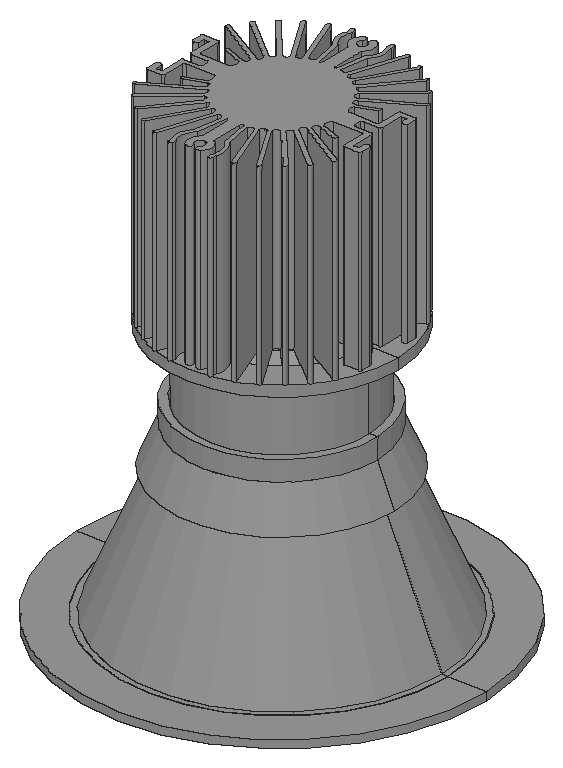
Revit family "Artemide_Everything_105", category Lighting Fixtures, Revit 2018 (continued)
Types (160, lengths in mm): name | V_TrimlessSquare | V_TrimlessRound | V_TrimSquare | V_TrimRound | V_Square | V_Round | Radius_RoundVoidReal | Photometric Web File | M_Trim | M_Louvre | M_HousingLed | built-in parameter 1150105 | Lumens | built-in parameter 1150107 | built-in parameter 1150106 | URL to O&M Manual | Trim Material | Trim Finish | Trim Colour  | Product Model Number | Product Literature | Overall Width | Overall Length | Output Lumens Direct light | Input Lumens Direct light | Initial Lumens | IES Files  | Housing Colour  | Face Shape | Efficiency | built-in parameter 1150104 | Distance_SquareVoidReal | Cut Out Width | Cut Out Length | Colour Temperature | Angle_LightReal | Adjustable
  Everything_105_Round_Trim_28°_3000K_Black/PolishedMetal_M256640 | no | no | no | yes | no | yes | 42.5 | "M256640.IES" | Artemide_Aluminum_Black | Artemide_Aluminum_PolishedMetal | Artemide_Aluminum_PolishedMetal | 66.26 (stored number, unit not read) | 832.65 lm | 3000 (stored number, unit not read) | 0.6626 (stored number, unit not read) | "https://www.artemide.com/contents/documenti/prodotto/everything_105_trim_instructions4838272.pdf" | "Aluminium" | "Painted" | "Polished Metal" | "M256640" | "https://www.artemide.com/it/subfamily/2433436/everything-105-trim" | 0 | 105 | 883 | 1390 | 883 | "https://www.artemide.com/product/downloadFile/4750535/ieseu/4916780" | "Black" | "Round" | 60 | 5.9504 (stored number, unit not read) | 0.8 | 80 | 130 | 3000 | 90.00° | no
  Everything_105_Round_Trim_Adj_28°_3000K_Black/PolishedMetal_M256645 | no | no | no | yes | no | yes | 42.5 | "M256645.IES" | Artemide_Aluminum_Black | Artemide_Aluminum_PolishedMetal | Artemide_Aluminum_PolishedMetal | 66.26 (stored number, unit not read) | 832.65 lm | 3000 (stored number, unit not read) | 0.6626 (stored number, unit not read) | "https://www.artemide.com/contents/documenti/prodotto/everything_105_trim_instructions4838272.pdf" | "Aluminium" | "Painted" | "Polished Metal" | "M256645" | "https://www.artemide.com/it/subfamily/2433436/everything-105-trim" | 0 | 105 | 883 | 1390 | 883 | "https://www.artemide.com/product/downloadFile/4750536/ieseu/4916987" | "Black" | "Round" | 60 | 5.9504 (stored number, unit not read) | 0.8 | 80 | 130 | 3000 | 60.00° | yes
  Everything_105_Round_Trim_46°_3000K_Black/Black_M256240 | no | no | no | yes | no | yes | 42.5 | "M256240.IES" | Artemide_Aluminum_Black | Artemide_Aluminum_Black | Artemide_Aluminum_Black | 57.85 (stored number, unit not read) | 726.96 lm | 3000 (stored number, unit not read) | 0.5785 (stored number, unit not read) | "https://www.artemide.com/contents/documenti/prodotto/everything_105_trim_instructions4838272.pdf" | "Aluminium" | "Painted" | "Black" | "M256240" | "https://www.artemide.com/it/subfamily/2433436/everything-105-trim" | 0 | 105 | 727 | 1390 | 727 | "https://www.artemide.com/product/downloadFile/4750537/ieseu/4916571" | "Black" | "Round" | 52 | 5.1951 (stored number, unit not read) | 0.8 | 80 | 130 | 3000 | 90.00° | no
  Everything_105_Round_Trim_Adj_46°_3000K_Black/Black_M256245 | no | no | no | yes | no | yes | 42.5 | "M256245.IES" | Artemide_Aluminum_Black | Artemide_Aluminum_Black | Artemide_Aluminum_Black | 57.85 (stored number, unit not read) | 726.96 lm | 3000 (stored number, unit not read) | 0.5785 (stored number, unit not read) | "https://www.artemide.com/contents/documenti/prodotto/everything_105_trim_instructions4838272.pdf" | "Aluminium" | "Painted" | "Black" | "M256245" | "https://www.artemide.com/it/subfamily/2433436/everything-105-trim" | 0 | 105 | 727 | 1390 | 727 | "https://www.artemide.com/product/downloadFile/4750538/ieseu/4916761" | "Black" | "Round" | 52 | 5.1951 (stored number, unit not read) | 0.8 | 80 | 130 | 3000 | 60.00° | yes
  Everything_105_Square_Trim_25°_2700K_Black/Black_M329340 | no | no | yes | no | yes | no | 0.3 | "M329340.IES" | Artemide_Aluminum_Black | Artemide_Aluminum_Black | Artemide_Aluminum_Black | 67.626 (stored number, unit not read) | 849.81 lm | 2700 (stored number, unit not read) | 0.67626 (stored number, unit not read) | "https://www.artemide.com/contents/documenti/prodotto/everything_105_trim_instructions4838272.pdf" | "Aluminium" | "Painted" | "Black" | "M329340" | "https://www.artemide.com/it/subfamily/2433436/everything-105-trim" | 105 | 105 | 850 | 1330 | 850 | "https://www.artemide.com/product/downloadFile/4750539/ieseu/4917028" | "Black" | "Square" | 64 | 6.0731 (stored number, unit not read) | 85 | 80 | 130 | 2700 | 90.00° | no
  Everything_105_Square_Trim_46°_2700K_Black/Black_M329540 | no | no | yes | no | yes | no | 0.3 | "M329540.IES" | Artemide_Aluminum_Black | Artemide_Aluminum_Black | Artemide_Aluminum_Black | 56.308 (stored number, unit not read) | 707.59 lm | 2700 (stored number, unit not read) | 0.56308 (stored number, unit not read) | "https://www.artemide.com/contents/documenti/prodotto/everything_105_trim_instructions4838272.pdf" | "Aluminium" | "Painted" | "Black" | "M329540" | "https://www.artemide.com/it/subfamily/2433436/everything-105-trim" | 105 | 105 | 708 | 1330 | 708 | "https://www.artemide.com/product/downloadFile/4750540/ieseu/4916972" | "Black" | "Square" | 53 | 5.0567 (stored number, unit not read) | 85 | 80 | 130 | 2700 | 90.00° | no
  Everything_105_Square_Trim_28°_2700K_Black/Black_M329440 | no | no | yes | no | yes | no | 0.3 | "M329440.IES" | Artemide_Aluminum_Black | Artemide_Aluminum_Black | Artemide_Aluminum_Black | 68.898 (stored number, unit not read) | 865.8 lm | 2700 (stored number, unit not read) | 0.68898 (stored number, unit not read) | "https://www.artemide.com/contents/documenti/prodotto/everything_105_trim_instructions4838272.pdf" | "Aluminium" | "Painted" | "Black" | "M329440" | "https://www.artemide.com/it/subfamily/2433436/everything-105-trim" | 105 | 105 | 866 | 1330 | 866 | "https://www.artemide.com/product/downloadFile/4750541/ieseu/4916877" | "Black" | "Square" | 65 | 6.1873 (stored number, unit not read) | 85 | 80 | 130 | 2700 | 90.00° | no
  Everything_105_Square_Trim_25°_2700K_Black/PolishedMetal_M329640 | no | no | yes | no | yes | no | 0.3 | "M329640.IES" | Artemide_Aluminum_Black | Artemide_Aluminum_PolishedMetal | Artemide_Aluminum_PolishedMetal | 74.298 (stored number, unit not read) | 933.66 lm | 2700 (stored number, unit not read) | 0.74298 (stored number, unit not read) | "https://www.artemide.com/contents/documenti/prodotto/everything_105_trim_instructions4838272.pdf" | "Aluminium" | "Painted" | "Polished Metal" | "M329640" | "https://www.artemide.com/it/subfamily/2433436/everything-105-trim" | 105 | 105 | 934 | 1330 | 934 | "https://www.artemide.com/product/downloadFile/4750542/ieseu/4916578" | "Black" | "Square" | 70 | 6.6723 (stored number, unit not read) | 85 | 80 | 130 | 2700 | 90.00° | no
  Everything_105_Square_Trim_28°_2700K_Black/PolishedMetal_M329740 | no | no | yes | no | yes | no | 0.3 | "M329740.IES" | Artemide_Aluminum_Black | Artemide_Aluminum_PolishedMetal | Artemide_Aluminum_PolishedMetal | 53.66 (stored number, unit not read) | 674.31 lm | 2700 (stored number, unit not read) | 0.5366 (stored number, unit not read) | "https://www.artemide.com/contents/documenti/prodotto/everything_105_trim_instructions4838272.pdf" | "Aluminium" | "Painted" | "Polished Metal" | "M329740" | "https://www.artemide.com/it/subfamily/2433436/everything-105-trim" | 105 | 105 | 674 | 1330 | 674 | "https://www.artemide.com/product/downloadFile/4750543/ieseu/4916647" | "Black" | "Square" | 51 | 4.8189 (stored number, unit not read) | 85 | 80 | 130 | 2700 | 90.00° | no
  Everything_105_Square_Trim_Adj_28°_2700K_Black/PolishedMetal_M329745 | no | no | yes | no | yes | no | 0.3 | "M329745.IES" | Artemide_Aluminum_Black | Artemide_Aluminum_PolishedMetal | Artemide_Aluminum_PolishedMetal | 53.66 (stored number, unit not read) | 674.31 lm | 2700 (stored number, unit not read) | 0.5366 (stored number, unit not read) | "https://www.artemide.com/contents/documenti/prodotto/everything_105_trim_instructions4838272.pdf" | "Aluminium" | "Painted" | "Polished Metal" | "M329745" | "https://www.artemide.com/it/subfamily/2433436/everything-105-trim" | 105 | 105 | 674 | 1330 | 674 | "https://www.artemide.com/product/downloadFile/4750544/ieseu/4916705" | "Black" | "Square" | 51 | 4.8189 (stored number, unit not read) | 85 | 80 | 130 | 2700 | 60.00° | yes
  Everything_105_Square_Trim_Adj_25°_2700K_Black/PolishedMetal_M329645 | no | no | yes | no | yes | no | 0.3 | "M329645.IES" | Artemide_Aluminum_Black | Artemide_Aluminum_PolishedMetal | Artemide_Aluminum_PolishedMetal | 74.298 (stored number, unit not read) | 933.66 lm | 2700 (stored number, unit not read) | 0.74298 (stored number, unit not read) | "https://www.artemide.com/contents/documenti/prodotto/everything_105_trim_instructions4838272.pdf" | "Aluminium" | "Painted" | "Polished Metal" | "M329645" | "https://www.artemide.com/it/subfamily/2433436/everything-105-trim" | 105 | 105 | 934 | 1330 | 934 | "https://www.artemide.com/product/downloadFile/4750545/ieseu/4916814" | "Black" | "Square" | 70 | 6.6723 (stored number, unit not read) | 85 | 80 | 130 | 2700 | 60.00° | yes
  Everything_105_Square_Trim_Adj_46°_2700K_Black/Black_M329545 | no | no | yes | no | yes | no | 0.3 | "M329545.IES" | Artemide_Aluminum_Black | Artemide_Aluminum_Black | Artemide_Aluminum_Black | 56.308 (stored number, unit not read) | 707.59 lm | 2700 (stored number, unit not read) | 0.56308 (stored number, unit not read) | "https://www.artemide.com/contents/documenti/prodotto/everything_105_trim_instructions4838272.pdf" | "Aluminium" | "Painted" | "Black" | "M329545" | "https://www.artemide.com/it/subfamily/2433436/everything-105-trim" | 105 | 105 | 708 | 1330 | 708 | "https://www.artemide.com/product/downloadFile/4750546/ieseu/4916525" | "Black" | "Square" | 53 | 5.0567 (stored number, unit not read) | 85 | 80 | 130 | 2700 | 60.00° | yes
  Everything_105_Square_Trim_Adj_25°_2700K_Black/Black_M329345 | no | no | yes | no | yes | no | 0.3 | "M329345.IES" | Artemide_Aluminum_Black | Artemide_Aluminum_Black | Artemide_Aluminum_Black | 67.626 (stored number, unit not read) | 849.81 lm | 2700 (stored number, unit not read) | 0.67626 (stored number, unit not read) | "https://www.artemide.com/contents/documenti/prodotto/everything_105_trim_instructions4838272.pdf" | "Aluminium" | "Painted" | "Black" | "M329345" | "https://www.artemide.com/it/subfamily/2433436/everything-105-trim" | 105 | 105 | 850 | 1330 | 850 | "https://www.artemide.com/product/downloadFile/4750547/ieseu/4916612" | "Black" | "Square" | 64 | 6.0731 (stored number, unit not read) | 85 | 80 | 130 | 2700 | 60.00° | yes
  Everything_105_Square_Trim_Adj_28°_2700K_Black/Black_M329445 | no | no | yes | no | yes | no | 0.3 | "M329445.IES" | Artemide_Aluminum_Black | Artemide_Aluminum_Black | Artemide_Aluminum_Black | 68.898 (stored number, unit not read) | 865.8 lm | 2700 (stored number, unit not read) | 0.68898 (stored number, unit not read) | "https://www.artemide.com/contents/documenti/prodotto/everything_105_trim_instructions4838272.pdf" | "Aluminium" | "Painted" | "Black" | "M329445" | "https://www.artemide.com/it/subfamily/2433436/everything-105-trim" | 105 | 105 | 866 | 1330 | 866 | "https://www.artemide.com/product/downloadFile/4750548/ieseu/4916699" | "Black" | "Square" | 65 | 6.1873 (stored number, unit not read) | 85 | 80 | 130 | 2700 | 60.00° | yes
  Everything_105_Square_Trim_25°_3000K_Black/Black_M258240 | no | no | yes | no | yes | no | 0.3 | "M258240.IES" | Artemide_Aluminum_Black | Artemide_Aluminum_Black | Artemide_Aluminum_Black | 70.678 (stored number, unit not read) | 888.16 lm | 3000 (stored number, unit not read) | 0.70678 (stored number, unit not read) | "https://www.artemide.com/contents/documenti/prodotto/everything_105_trim_instructions4838272.pdf" | "Aluminium" | "Painted" | "Black" | "M258240" | "https://www.artemide.com/it/subfamily/2433436/everything-105-trim" | 105 | 105 | 888 | 1390 | 888 | "https://www.artemide.com/product/downloadFile/4750549/ieseu/4917007" | "Black" | "Square" | 64 | 6.3471 (stored number, unit not read) | 85 | 80 | 130 | 3000 | 90.00° | no
  Everything_105_Square_Trim_Adj_25°_3000K_Black/Black_M258245 | no | no | yes | no | yes | no | 0.3 | "M258245.IES" | Artemide_Aluminum_Black | Artemide_Aluminum_Black | Artemide_Aluminum_Black | 70.678 (stored number, unit not read) | 888.16 lm | 3000 (stored number, unit not read) | 0.70678 (stored number, unit not read) | "https://www.artemide.com/contents/documenti/prodotto/everything_105_trim_instructions4838272.pdf" | "Aluminium" | "Painted" | "Black" | "M258245" | "https://www.artemide.com/it/subfamily/2433436/everything-105-trim" | 105 | 105 | 888 | 1390 | 888 | "https://www.artemide.com/product/downloadFile/4750550/ieseu/4917103" | "Black" | "Square" | 64 | 6.3471 (stored number, unit not read) | 85 | 80 | 130 | 3000 | 60.00° | yes
  Everything_105_Square_Trim_25°_3000K_Black/PolishedMetal_M258840 | no | no | yes | no | yes | no | 0.3 | "M258840.IES" | Artemide_Aluminum_Black | Artemide_Aluminum_PolishedMetal | Artemide_Aluminum_PolishedMetal | 77.65 (stored number, unit not read) | 975.78 lm | 3000 (stored number, unit not read) | 0.7765 (stored number, unit not read) | "https://www.artemide.com/contents/documenti/prodotto/everything_105_trim_instructions4838272.pdf" | "Aluminium" | "Painted" | "Polished Metal" | "M258840" | "https://www.artemide.com/it/subfamily/2433436/everything-105-trim" | 105 | 105 | 976 | 1390 | 976 | "https://www.artemide.com/product/downloadFile/4750551/ieseu/4916486" | "Black" | "Square" | 70 | 6.9733 (stored number, unit not read) | 85 | 80 | 130 | 3000 | 90.00° | no
  Everything_105_Square_Trim_Adj_25°_3000K_Black/PolishedMetal_M258845 | no | no | yes | no | yes | no | 0.3 | "M258845.IES" | Artemide_Aluminum_Black | Artemide_Aluminum_PolishedMetal | Artemide_Aluminum_PolishedMetal | 77.65 (stored number, unit not read) | 975.78 lm | 3000 (stored number, unit not read) | 0.7765 (stored number, unit not read) | "https://www.artemide.com/contents/documenti/prodotto/everything_105_trim_instructions4838272.pdf" | "Aluminium" | "Painted" | "Polished Metal" | "M258845" | "https://www.artemide.com/it/subfamily/2433436/everything-105-trim" | 105 | 105 | 976 | 1390 | 976 | "https://www.artemide.com/product/downloadFile/4750552/ieseu/4917186" | "Black" | "Square" | 70 | 6.9733 (stored number, unit not read) | 85 | 80 | 130 | 3000 | 60.00° | yes
  Everything_105_Square_Trim_28°_3000K_Black/Black_M258440 | no | no | yes | no | yes | no | 0.3 | "M258440.IES" | Artemide_Aluminum_Black | Artemide_Aluminum_Black | Artemide_Aluminum_Black | 72.012 (stored number, unit not read) | 904.93 lm | 3000 (stored number, unit not read) | 0.72012 (stored number, unit not read) | "https://www.artemide.com/contents/documenti/prodotto/everything_105_trim_instructions4838272.pdf" | "Aluminium" | "Painted" | "Black" | "M258440" | "https://www.artemide.com/it/subfamily/2433436/everything-105-trim" | 105 | 105 | 905 | 1390 | 905 | "https://www.artemide.com/product/downloadFile/4750553/ieseu/4916669" | "Black" | "Square" | 65 | 6.467 (stored number, unit not read) | 85 | 80 | 130 | 3000 | 90.00° | no
  Everything_105_Square_Trim_Adj_28°_3000K_Black/Black_M258445 | no | no | yes | no | yes | no | 0.3 | "M258445.IES" | Artemide_Aluminum_Black | Artemide_Aluminum_Black | Artemide_Aluminum_Black | 72.012 (stored number, unit not read) | 904.93 lm | 3000 (stored number, unit not read) | 0.72012 (stored number, unit not read) | "https://www.artemide.com/contents/documenti/prodotto/everything_105_trim_instructions4838272.pdf" | "Aluminium" | "Painted" | "Black" | "M258445" | "https://www.artemide.com/it/subfamily/2433436/everything-105-trim" | 105 | 105 | 905 | 1390 | 905 | "https://www.artemide.com/product/downloadFile/4750554/ieseu/4916806" | "Black" | "Square" | 65 | 6.467 (stored number, unit not read) | 85 | 80 | 130 | 3000 | 60.00° | yes
  Everything_105_Square_Trim_28°_3000K_Black/PolishedMetal_M259040 | no | no | yes | no | yes | no | 0.3 | "M259040.IES" | Artemide_Aluminum_Black | Artemide_Aluminum_PolishedMetal | Artemide_Aluminum_PolishedMetal | 56.081 (stored number, unit not read) | 704.73 lm | 3000 (stored number, unit not read) | 0.56081 (stored number, unit not read) | "https://www.artemide.com/contents/documenti/prodotto/everything_105_trim_instructions4838272.pdf" | "Aluminium" | "Painted" | "Polished Metal" | "M259040" | "https://www.artemide.com/it/subfamily/2433436/everything-105-trim" | 105 | 105 | 705 | 1390 | 705 | "https://www.artemide.com/product/downloadFile/4750555/ieseu/4917055" | "Black" | "Square" | 51 | 5.0363 (stored number, unit not read) | 85 | 80 | 130 | 3000 | 90.00° | no
  Everything_105_Square_Trim_Adj_28°_3000K_Black/PolishedMetal_M259045 | no | no | yes | no | yes | no | 0.3 | "M259045.IES" | Artemide_Aluminum_Black | Artemide_Aluminum_PolishedMetal | Artemide_Aluminum_PolishedMetal | 56.081 (stored number, unit not read) | 704.73 lm | 3000 (stored number, unit not read) | 0.56081 (stored number, unit not read) | "https://www.artemide.com/contents/documenti/prodotto/everything_105_trim_instructions4838272.pdf" | "Aluminium" | "Painted" | "Polished Metal" | "M259045" | "https://www.artemide.com/it/subfamily/2433436/everything-105-trim" | 105 | 105 | 705 | 1390 | 705 | "https://www.artemide.com/product/downloadFile/4750556/ieseu/4917039" | "Black" | "Square" | 51 | 5.0363 (stored number, unit not read) | 85 | 80 | 130 | 3000 | 60.00° | yes
  Everything_105_Square_Trim_46°_3000K_Black/Black_M258640 | no | no | yes | no | yes | no | 0.3 | "M258640.IES" | Artemide_Aluminum_Black | Artemide_Aluminum_Black | Artemide_Aluminum_Black | 58.843 (stored number, unit not read) | 739.44 lm | 3000 (stored number, unit not read) | 0.58843 (stored number, unit not read) | "https://www.artemide.com/contents/documenti/prodotto/everything_105_trim_instructions4838272.pdf" | "Aluminium" | "Painted" | "Black" | "M258640" | "https://www.artemide.com/it/subfamily/2433436/everything-105-trim" | 105 | 105 | 739 | 1390 | 739 | "https://www.artemide.com/product/downloadFile/4750557/ieseu/4916615" | "Black" | "Square" | 53 | 5.2843 (stored number, unit not read) | 85 | 80 | 130 | 3000 | 90.00° | no
  Everything_105_Square_Trim_Adj_46°_3000K_Black/Black_M258645 | no | no | yes | no | yes | no | 0.3 | "M258645.IES" | Artemide_Aluminum_Black | Artemide_Aluminum_Black | Artemide_Aluminum_Black | 58.843 (stored number, unit not read) | 739.44 lm | 3000 (stored number, unit not read) | 0.58843 (stored number, unit not read) | "https://www.artemide.com/contents/documenti/prodotto/everything_105_trim_instructions4838272.pdf" | "Aluminium" | "Painted" | "Black" | "M258645" | "https://www.artemide.com/it/subfamily/2433436/everything-105-trim" | 105 | 105 | 739 | 1390 | 739 | "https://www.artemide.com/product/downloadFile/4750558/ieseu/4917037" | "Black" | "Square" | 53 | 5.2843 (stored number, unit not read) | 85 | 80 | 130 | 3000 | 60.00° | yes
  Everything_105_Square_Trimless_25°_3000K_PolishedMetal_M260000 | yes | no | no | no | yes | no | 0.3 | "M260000.IES" | Artemide_Aluminum_White | Artemide_Aluminum_PolishedMetal | Artemide_Aluminum_PolishedMetal | 77.65 (stored number, unit not read) | 975.78 lm | 3000 (stored number, unit not read) | 0.7765 (stored number, unit not read) | "https://www.artemide.com/contents/documenti/prodotto/everything_150_trimless_instructions4359849.pdf" | "-" | "-" | "-" | "M260000" | "https://www.artemide.com/it/subfamily/2463253/everything-105-trimless" | 80 | 80 | 976 | 1390 | 976 | "https://www.artemide.com/product/downloadFile/4353082/ieseu/4917128" | "Polished metal" | "Square" | 70 | 6.9733 (stored number, unit not read) | 85 | 80 | 130 | 3000 | 90.00° | no
  Everything_105_Square_Trimless_25°_3000K_Black_M259400 | yes | no | no | no | yes | no | 0.3 | "M259400.IES" | Artemide_Aluminum_White | Artemide_Aluminum_Black | Artemide_Aluminum_Black | 70.678 (stored number, unit not read) | 888.16 lm | 3000 (stored number, unit not read) | 0.70678 (stored number, unit not read) | "https://www.artemide.com/contents/documenti/prodotto/everything_150_trimless_instructions4359849.pdf" | "-" | "-" | "-" | "M259400" | "https://www.artemide.com/it/subfamily/2463253/everything-105-trimless" | 80 | 80 | 888 | 1390 | 888 | "https://www.artemide.com/product/downloadFile/4353265/ieseu/4916752" | "Black" | "Square" | 64 | 6.3471 (stored number, unit not read) | 85 | 80 | 130 | 3000 | 90.00° | no
  Everything_105_Square_Trimless_28°_3000K_PolishedMetal_M260200 | yes | no | no | no | yes | no | 0.3 | "M260200.IES" | Artemide_Aluminum_White | Artemide_Aluminum_PolishedMetal | Artemide_Aluminum_PolishedMetal | 56.081 (stored number, unit not read) | 704.73 lm | 3000 (stored number, unit not read) | 0.56081 (stored number, unit not read) | "https://www.artemide.com/contents/documenti/prodotto/everything_150_trimless_instructions4359849.pdf" | "-" | "-" | "-" | "M260200" | "https://www.artemide.com/it/subfamily/2463253/everything-105-trimless" | 80 | 80 | 705 | 1390 | 705 | "https://www.artemide.com/product/downloadFile/4353480/ieseu/4916483" | "Polished metal" | "Square" | 54 | 5.0363 (stored number, unit not read) | 85 | 80 | 130 | 3000 | 90.00° | no
  Everything_105_Square_Trimless_28°_3000K_Black_M259600 | yes | no | no | no | yes | no | 0.3 | "M259600.IES" | Artemide_Aluminum_White | Artemide_Aluminum_Black | Artemide_Aluminum_Black | 72.012 (stored number, unit not read) | 904.93 lm | 3000 (stored number, unit not read) | 0.72012 (stored number, unit not read) | "https://www.artemide.com/contents/documenti/prodotto/everything_150_trimless_instructions4359849.pdf" | "-" | "-" | "-" | "M259600" | "https://www.artemide.com/it/subfamily/2463253/everything-105-trimless" | 80 | 80 | 905 | 1390 | 905 | "https://www.artemide.com/product/downloadFile/4353623/ieseu/4916570" | "Black" | "Square" | 65 | 6.467 (stored number, unit not read) | 85 | 80 | 130 | 3000 | 90.00° | no
  Everything_105_Square_Trimless_46°_3000K_Black_M259800 | yes | no | no | no | yes | no | 0.3 | "M259800.IES" | Artemide_Aluminum_White | Artemide_Aluminum_Black | Artemide_Aluminum_Black | 58.843 (stored number, unit not read) | 739.44 lm | 3000 (stored number, unit not read) | 0.58843 (stored number, unit not read) | "https://www.artemide.com/contents/documenti/prodotto/everything_150_trimless_instructions4359849.pdf" | "-" | "-" | "-" | "M259800" | "https://www.artemide.com/it/subfamily/2463253/everything-105-trimless" | 80 | 80 | 739 | 1390 | 739 | "https://www.artemide.com/product/downloadFile/4353766/ieseu/4917105" | "Black" | "Square" | 53 | 5.2843 (stored number, unit not read) | 85 | 80 | 130 | 3000 | 90.00° | no
  Everything_105_Square_Trimless_Adj_25°_3000K_PolishedMetal_M260005 | yes | no | no | no | yes | no | 0.3 | "M260005.IES" | Artemide_Aluminum_White | Artemide_Aluminum_PolishedMetal | Artemide_Aluminum_PolishedMetal | 77.65 (stored number, unit not read) | 975.78 lm | 3000 (stored number, unit not read) | 0.7765 (stored number, unit not read) | "https://www.artemide.com/contents/documenti/prodotto/everything_150_trimless_instructions4359849.pdf" | "-" | "-" | "-" | "M260005" | "https://www.artemide.com/it/subfamily/2463253/everything-105-trimless" | 80 | 80 | 976 | 1390 | 976 | "https://www.artemide.com/product/downloadFile/4353909/ieseu/4916712" | "Polished metal" | "Square" | 70 | 6.9733 (stored number, unit not read) | 85 | 80 | 130 | 3000 | 60.00° | yes
  Everything_105_Square_Trimless_Adj_25°_3000K_Black_M259405 | yes | no | no | no | yes | no | 0.3 | "M259405.IES" | Artemide_Aluminum_White | Artemide_Aluminum_Black | Artemide_Aluminum_Black | 70.678 (stored number, unit not read) | 888.16 lm | 3000 (stored number, unit not read) | 0.70678 (stored number, unit not read) | "https://www.artemide.com/contents/documenti/prodotto/everything_150_trimless_instructions4359849.pdf" | "-" | "-" | "-" | "M259405" | "https://www.artemide.com/it/subfamily/2463253/everything-105-trimless" | 80 | 80 | 888 | 1390 | 888 | "https://www.artemide.com/product/downloadFile/4354092/ieseu/4916885" | "Black" | "Square" | 64 | 6.3471 (stored number, unit not read) | 85 | 80 | 130 | 3000 | 60.00° | yes
  Everything_105_Square_Trimless_Adj_28°_3000K_PolishedMetal_M260205 | yes | no | no | no | yes | no | 0.3 | "M260205.IES" | Artemide_Aluminum_White | Artemide_Aluminum_PolishedMetal | Artemide_Aluminum_PolishedMetal | 56.081 (stored number, unit not read) | 704.73 lm | 3000 (stored number, unit not read) | 0.56081 (stored number, unit not read) | "https://www.artemide.com/contents/documenti/prodotto/everything_150_trimless_instructions4359849.pdf" | "-" | "-" | "-" | "M260205" | "https://www.artemide.com/it/subfamily/2463253/everything-105-trimless" | 80 | 80 | 705 | 1390 | 705 | "https://www.artemide.com/product/downloadFile/4354307/ieseu/4916990" | "Polished metal" | "Square" | 54 | 5.0363 (stored number, unit not read) | 85 | 80 | 130 | 3000 | 60.00° | yes
  Everything_105_Square_Trimless_Adj_28°_3000K_Black_M259605 | yes | no | no | no | yes | no | 0.3 | "M259605.IES" | Artemide_Aluminum_White | Artemide_Aluminum_Black | Artemide_Aluminum_Black | 72.012 (stored number, unit not read) | 904.93 lm | 3000 (stored number, unit not read) | 0.72012 (stored number, unit not read) | "https://www.artemide.com/contents/documenti/prodotto/everything_150_trimless_instructions4359849.pdf" | "-" | "-" | "-" | "M259605" | "https://www.artemide.com/it/subfamily/2463253/everything-105-trimless" | 80 | 80 | 905 | 1390 | 905 | "https://www.artemide.com/product/downloadFile/4354450/ieseu/4916542" | "Black" | "Square" | 65 | 6.467 (stored number, unit not read) | 85 | 80 | 130 | 3000 | 60.00° | yes
  Everything_105_Square_Trimless_Adj_46°_3000K_Black_M259805 | yes | no | no | no | yes | no | 0.3 | "M259805.IES" | Artemide_Aluminum_White | Artemide_Aluminum_Black | Artemide_Aluminum_Black | 58.843 (stored number, unit not read) | 739.44 lm | 3000 (stored number, unit not read) | 0.58843 (stored number, unit not read) | "https://www.artemide.com/contents/documenti/prodotto/everything_150_trimless_instructions4359849.pdf" | "-" | "-" | "-" | "M259805" | "https://www.artemide.com/it/subfamily/2463253/everything-105-trimless" | 80 | 80 | 739 | 1390 | 739 | "https://www.artemide.com/product/downloadFile/4354593/ieseu/4916466" | "Black" | "Square" | 53 | 5.2843 (stored number, unit not read) | 85 | 80 | 130 | 3000 | 60.00° | yes
  Everything_105_Round_Trimless_25°_3000K_Black_M257000 | no | yes | no | no | no | yes | 42.5 | "M257000.IES" | Artemide_Aluminum_White | Artemide_Aluminum_Black | Artemide_Aluminum_Black | 68.246 (stored number, unit not read) | 857.61 lm | 3000 (stored number, unit not read) | 0.68246 (stored number, unit not read) | "https://www.artemide.com/contents/documenti/prodotto/everything_150_trimless_instructions4359849.pdf" | "-" | "-" | "-" | "M257000" | "https://www.artemide.com/it/subfamily/2463253/everything-105-trimless" | 0 | 80 | 858 | 1390 | 858 | "https://www.artemide.com/product/downloadFile/4354736/ieseu/4916945" | "Black" | "Round" | 62 | 6.1288 (stored number, unit not read) | 0.8 | 80 | 130 | 3000 | 90.00° | no
  Everything_105_Round_Trimless_Adj_25°_3000K_Black_M257005 | no | yes | no | no | no | yes | 42.5 | "M257005.IES" | Artemide_Aluminum_White | Artemide_Aluminum_Black | Artemide_Aluminum_Black | 68.246 (stored number, unit not read) | 857.61 lm | 3000 (stored number, unit not read) | 0.68246 (stored number, unit not read) | "https://www.artemide.com/contents/documenti/prodotto/everything_150_trimless_instructions4359849.pdf" | "-" | "-" | "-" | "M257005" | "https://www.artemide.com/it/subfamily/2463253/everything-105-trimless" | 0 | 80 | 858 | 1390 | 858 | "https://www.artemide.com/product/downloadFile/4354951/ieseu/4916866" | "Black" | "Round" | 62 | 6.1288 (stored number, unit not read) | 0.8 | 80 | 130 | 3000 | 60.00° | yes
  Everything_105_Round_Trimless_25°_3000K_PolishedMetal_M257600 | no | yes | no | no | no | yes | 42.5 | "M257600.IES" | Artemide_Aluminum_White | Artemide_Aluminum_PolishedMetal | Artemide_Aluminum_PolishedMetal | 84.84 (stored number, unit not read) | 1066.13 lm | 3000 (stored number, unit not read) | 0.8484 (stored number, unit not read) | "https://www.artemide.com/contents/documenti/prodotto/everything_150_trimless_instructions4359849.pdf" | "-" | "-" | "-" | "M257600" | "https://www.artemide.com/it/subfamily/2463253/everything-105-trimless" | 0 | 80 | 1066 | 1390 | 1066 | "https://www.artemide.com/product/downloadFile/4355166/ieseu/4916898" | "Polished metal" | "Round" | 77 | 7.619 (stored number, unit not read) | 0.8 | 80 | 130 | 3000 | 90.00° | no
  Everything_105_Round_Trimless_Adj_25°_3000K_PolishedMetal_M257605 | no | yes | no | no | no | yes | 42.5 | "M257605.IES" | Artemide_Aluminum_White | Artemide_Aluminum_PolishedMetal | Artemide_Aluminum_PolishedMetal | 84.84 (stored number, unit not read) | 1066.13 lm | 3000 (stored number, unit not read) | 0.8484 (stored number, unit not read) | "https://www.artemide.com/contents/documenti/prodotto/everything_150_trimless_instructions4359849.pdf" | "-" | "-" | "-" | "M257605" | "https://www.artemide.com/it/subfamily/2463253/everything-105-trimless" | 0 | 80 | 1066 | 1390 | 1066 | "https://www.artemide.com/product/downloadFile/4355349/ieseu/4917167" | "Polished metal" | "Round" | 77 | 7.619 (stored number, unit not read) | 0.8 | 80 | 130 | 3000 | 60.00° | yes
  Everything_105_Round_Trimless_28°_3000K_Black_M257200 | no | yes | no | no | no | yes | 42.5 | "M257200.IES" | Artemide_Aluminum_White | Artemide_Aluminum_Black | Artemide_Aluminum_Black | 68.029 (stored number, unit not read) | 854.88 lm | 3000 (stored number, unit not read) | 0.68029 (stored number, unit not read) | "https://www.artemide.com/contents/documenti/prodotto/everything_150_trimless_instructions4359849.pdf" | "-" | "-" | "-" | "M257200" | "https://www.artemide.com/it/subfamily/2463253/everything-105-trimless" | 0 | 80 | 855 | 1390 | 855 | "https://www.artemide.com/product/downloadFile/4355532/ieseu/4916664" | "Black" | "Round" | 62 | 6.1093 (stored number, unit not read) | 0.8 | 80 | 130 | 3000 | 90.00° | no
  Everything_105_Round_Trimless_Adj_28°_3000K_Black_M257205 | no | yes | no | no | no | yes | 42.5 | "M257205.IES" | Artemide_Aluminum_White | Artemide_Aluminum_Black | Artemide_Aluminum_Black | 68.029 (stored number, unit not read) | 854.88 lm | 3000 (stored number, unit not read) | 0.68029 (stored number, unit not read) | "https://www.artemide.com/contents/documenti/prodotto/everything_150_trimless_instructions4359849.pdf" | "-" | "-" | "-" | "M257205" | "https://www.artemide.com/it/subfamily/2463253/everything-105-trimless" | 0 | 80 | 855 | 1390 | 855 | "https://www.artemide.com/product/downloadFile/4355747/ieseu/4916535" | "Black" | "Round" | 62 | 6.1093 (stored number, unit not read) | 0.8 | 80 | 130 | 3000 | 60.00° | yes
  Everything_105_Round_Trimless_28°_3000K_PolishedMetal_M257800 | no | yes | no | no | no | yes | 42.5 | "M257800.IES" | Artemide_Aluminum_White | Artemide_Aluminum_PolishedMetal | Artemide_Aluminum_PolishedMetal | 66.26 (stored number, unit not read) | 832.65 lm | 3000 (stored number, unit not read) | 0.6626 (stored number, unit not read) | "https://www.artemide.com/contents/documenti/prodotto/everything_150_trimless_instructions4359849.pdf" | "-" | "-" | "-" | "M257800" | "https://www.artemide.com/it/subfamily/2463253/everything-105-trimless" | 0 | 80 | 833 | 1390 | 833 | "https://www.artemide.com/product/downloadFile/4355962/ieseu/4917145" | "Polished metal" | "Round" | 60 | 5.9504 (stored number, unit not read) | 0.8 | 80 | 130 | 3000 | 90.00° | no
  Everything_105_Round_Trimless_Adj_28°_3000K_PolishedMetal_M257805 | no | yes | no | no | no | yes | 42.5 | "M257805.IES" | Artemide_Aluminum_White | Artemide_Aluminum_PolishedMetal | Artemide_Aluminum_PolishedMetal | 66.26 (stored number, unit not read) | 832.65 lm | 3000 (stored number, unit not read) | 0.6626 (stored number, unit not read) | "https://www.artemide.com/contents/documenti/prodotto/everything_150_trimless_instructions4359849.pdf" | "-" | "-" | "-" | "M257805" | "https://www.artemide.com/it/subfamily/2463253/everything-105-trimless" | 0 | 80 | 833 | 1390 | 833 | "https://www.artemide.com/product/downloadFile/4356145/ieseu/4916849" | "Polished metal" | "Round" | 60 | 5.9504 (stored number, unit not read) | 0.8 | 80 | 130 | 3000 | 60.00° | yes
  Everything_105_Round_Trimless_46°_3000K_Black_M257400 | no | yes | no | no | no | yes | 42.5 | "M257400.IES" | Artemide_Aluminum_White | Artemide_Aluminum_Black | Artemide_Aluminum_Black | 57.85 (stored number, unit not read) | 726.96 lm | 3000 (stored number, unit not read) | 0.5785 (stored number, unit not read) | "https://www.artemide.com/contents/documenti/prodotto/everything_150_trimless_instructions4359849.pdf" | "-" | "-" | "-" | "M257400" | "https://www.artemide.com/it/subfamily/2463253/everything-105-trimless" | 0 | 80 | 727 | 1390 | 727 | "https://www.artemide.com/product/downloadFile/4356328/ieseu/4916710" | "Black" | "Round" | 52 | 5.1951 (stored number, unit not read) | 0.8 | 80 | 130 | 3000 | 90.00° | no
  Everything_105_Round_Trimless_Adj_46°_3000K_Black_M257405 | no | yes | no | no | no | yes | 42.5 | "M257405.IES" | Artemide_Aluminum_White | Artemide_Aluminum_Black | Artemide_Aluminum_Black | 57.85 (stored number, unit not read) | 726.96 lm | 3000 (stored number, unit not read) | 0.5785 (stored number, unit not read) | "https://www.artemide.com/contents/documenti/prodotto/everything_150_trimless_instructions4359849.pdf" | "-" | "-" | "-" | "M257405" | "https://www.artemide.com/it/subfamily/2463253/everything-105-trimless" | 0 | 80 | 727 | 1390 | 727 | "https://www.artemide.com/product/downloadFile/4356471/ieseu/4917178" | "Black" | "Round" | 52 | 5.1951 (stored number, unit not read) | 0.8 | 80 | 130 | 3000 | 60.00° | yes
  Everything_105_Square_Trimless_28°_2700K_Black_M330000 | yes | no | no | no | yes | no | 0.3 | "M330000.IES" | Artemide_Aluminum_White | Artemide_Aluminum_Black | Artemide_Aluminum_Black | 68.898 (stored number, unit not read) | 865.8 lm | 2700 (stored number, unit not read) | 0.68898 (stored number, unit not read) | "https://www.artemide.com/contents/documenti/prodotto/everything_150_trimless_instructions4359849.pdf" | "-" | "-" | "-" | "M330000" | "https://www.artemide.com/it/subfamily/2463253/everything-105-trimless" | 80 | 80 | 866 | 1330 | 866 | "https://www.artemide.com/product/downloadFile/4421185/ieseu/4917191" | "Black" | "Square" | 65 | 6.1873 (stored number, unit not read) | 85 | 80 | 130 | 2700 | 90.00° | no
  Everything_105_Square_Trimless_46°_2700K_Black_M330100 | yes | no | no | no | yes | no | 0.3 | "M330100.IES" | Artemide_Aluminum_White | Artemide_Aluminum_Black | Artemide_Aluminum_Black | 56.308 (stored number, unit not read) | 707.59 lm | 2700 (stored number, unit not read) | 0.56308 (stored number, unit not read) | "https://www.artemide.com/contents/documenti/prodotto/everything_150_trimless_instructions4359849.pdf" | "-" | "-" | "-" | "M330100" | "https://www.artemide.com/it/subfamily/2463253/everything-105-trimless" | 80 | 80 | 708 | 1330 | 708 | "https://www.artemide.com/product/downloadFile/4421301/ieseu/4916843" | "Black" | "Square" | 53 | 5.0567 (stored number, unit not read) | 85 | 80 | 130 | 2700 | 90.00° | no
  Everything_105_Square_Trimless_25°_2700K_Black_M329900 | yes | no | no | no | yes | no | 0.3 | "M329900.IES" | Artemide_Aluminum_White | Artemide_Aluminum_Black | Artemide_Aluminum_Black | 67.626 (stored number, unit not read) | 849.81 lm | 2700 (stored number, unit not read) | 0.67626 (stored number, unit not read) | "https://www.artemide.com/contents/documenti/prodotto/everything_150_trimless_instructions4359849.pdf" | "-" | "-" | "-" | "M329900" | "https://www.artemide.com/it/subfamily/2463253/everything-105-trimless" | 80 | 80 | 850 | 1330 | 850 | "https://www.artemide.com/product/downloadFile/4421417/ieseu/4917127" | "Black" | "Square" | 64 | 6.0731 (stored number, unit not read) | 85 | 80 | 130 | 2700 | 90.00° | no
  Everything_105_Square_Trimless_28°_2700K_PolishedMetal_M330300 | yes | no | no | no | yes | no | 0.3 | "M330300.IES" | Artemide_Aluminum_White | Artemide_Aluminum_PolishedMetal | Artemide_Aluminum_PolishedMetal | 53.66 (stored number, unit not read) | 674.31 lm | 2700 (stored number, unit not read) | 0.5366 (stored number, unit not read) | "https://www.artemide.com/contents/documenti/prodotto/everything_150_trimless_instructions4359849.pdf" | "-" | "-" | "-" | "M330300" | "https://www.artemide.com/it/subfamily/2463253/everything-105-trimless" | 80 | 80 | 674 | 1330 | 674 | "https://www.artemide.com/product/downloadFile/4421533/ieseu/4916662" | "Polished Metal" | "Square" | 51 | 4.8189 (stored number, unit not read) | 85 | 80 | 130 | 2700 | 90.00° | no
  Everything_105_Square_Trimless_25°_2700K_PolishedMetal_M330200 | yes | no | no | no | yes | no | 0.3 | "M330200.IES" | Artemide_Aluminum_White | Artemide_Aluminum_PolishedMetal | Artemide_Aluminum_PolishedMetal | 74.298 (stored number, unit not read) | 933.66 lm | 2700 (stored number, unit not read) | 0.74298 (stored number, unit not read) | "https://www.artemide.com/contents/documenti/prodotto/everything_150_trimless_instructions4359849.pdf" | "-" | "-" | "-" | "M330200" | "https://www.artemide.com/it/subfamily/2463253/everything-105-trimless" | 80 | 80 | 934 | 1330 | 934 | "https://www.artemide.com/product/downloadFile/4421657/ieseu/4916714" | "Polished Metal" | "Square" | 70 | 6.6723 (stored number, unit not read) | 85 | 80 | 130 | 2700 | 90.00° | no
  Everything_105_Square_Trimless_Adj_28°_2700K_PolishedMetal_M330305 | yes | no | no | no | yes | no | 0.3 | "M330305.IES" | Artemide_Aluminum_White | Artemide_Aluminum_PolishedMetal | Artemide_Aluminum_PolishedMetal | 53.66 (stored number, unit not read) | 674.31 lm | 2700 (stored number, unit not read) | 0.5366 (stored number, unit not read) | "https://www.artemide.com/contents/documenti/prodotto/everything_150_trimless_instructions4359849.pdf" | "-" | "-" | "-" | "M330305" | "https://www.artemide.com/it/subfamily/2463253/everything-105-trimless" | 80 | 80 | 674 | 1330 | 674 | "https://www.artemide.com/product/downloadFile/4421781/ieseu/4916457" | "Polished Metal" | "Square" | 51 | 4.8189 (stored number, unit not read) | 85 | 80 | 130 | 2700 | 60.00° | yes
  Everything_105_Square_Trimless_Adj_25°_2700K_PolishedMetal_M330205 | yes | no | no | no | yes | no | 0.3 | "M330205.IES" | Artemide_Aluminum_White | Artemide_Aluminum_PolishedMetal | Artemide_Aluminum_PolishedMetal | 74.298 (stored number, unit not read) | 933.66 lm | 2700 (stored number, unit not read) | 0.74298 (stored number, unit not read) | "https://www.artemide.com/contents/documenti/prodotto/everything_150_trimless_instructions4359849.pdf" | "-" | "-" | "-" | "M330205" | "https://www.artemide.com/it/subfamily/2463253/everything-105-trimless" | 80 | 80 | 934 | 1330 | 934 | "https://www.artemide.com/product/downloadFile/4421905/ieseu/4916567" | "Polished Metal" | "Square" | 70 | 6.6723 (stored number, unit not read) | 85 | 80 | 130 | 2700 | 60.00° | yes
  Everything_105_Square_Trimless_Adj_28°_2700K_Black_M330005 | yes | no | no | no | yes | no | 0.3 | "M330005.IES" | Artemide_Aluminum_White | Artemide_Aluminum_Black | Artemide_Aluminum_Black | 68.898 (stored number, unit not read) | 865.8 lm | 2700 (stored number, unit not read) | 0.68898 (stored number, unit not read) | "https://www.artemide.com/contents/documenti/prodotto/everything_150_trimless_instructions4359849.pdf" | "-" | "-" | "-" | "M330005" | "https://www.artemide.com/it/subfamily/2463253/everything-105-trimless" | 80 | 80 | 866 | 1330 | 866 | "https://www.artemide.com/product/downloadFile/4422029/ieseu/4916824" | "Black" | "Square" | 65 | 6.1873 (stored number, unit not read) | 85 | 80 | 130 | 2700 | 60.00° | yes
  Everything_105_Square_Trimless_Adj_25°_2700K_Black_M329905 | yes | no | no | no | yes | no | 0.3 | "M329905.IES" | Artemide_Aluminum_White | Artemide_Aluminum_Black | Artemide_Aluminum_Black | 67.626 (stored number, unit not read) | 849.81 lm | 2700 (stored number, unit not read) | 0.67626 (stored number, unit not read) | "https://www.artemide.com/contents/documenti/prodotto/everything_150_trimless_instructions4359849.pdf" | "-" | "-" | "-" | "M329905" | "https://www.artemide.com/it/subfamily/2463253/everything-105-trimless" | 80 | 80 | 850 | 1330 | 850 | "https://www.artemide.com/product/downloadFile/4422145/ieseu/4916590" | "Black" | "Square" | 64 | 6.0731 (stored number, unit not read) | 85 | 80 | 130 | 2700 | 60.00° | yes
  Everything_105_Square_Trimless_Adj_46°_2700K_Black_M330105 | yes | no | no | no | yes | no | 0.3 | "M330105.IES" | Artemide_Aluminum_White | Artemide_Aluminum_Black | Artemide_Aluminum_Black | 56.308 (stored number, unit not read) | 707.59 lm | 2700 (stored number, unit not read) | 0.56308 (stored number, unit not read) | "https://www.artemide.com/contents/documenti/prodotto/everything_150_trimless_instructions4359849.pdf" | "-" | "-" | "-" | "M330105" | "https://www.artemide.com/it/subfamily/2463253/everything-105-trimless" | 80 | 80 | 708 | 1330 | 708 | "https://www.artemide.com/product/downloadFile/4422261/ieseu/4916767" | "Black" | "Square" | 53 | 5.0567 (stored number, unit not read) | 85 | 136 | 137 | 2700 | 60.00° | yes
  Everything_105_Round_Trimless_28°_2700K_PolishedMetal_M329100 | no | yes | no | no | no | yes | 42.5 | "M329100.IES" | Artemide_Aluminum_White | Artemide_Aluminum_PolishedMetal | Artemide_Aluminum_PolishedMetal | 63.395 (stored number, unit not read) | 796.64 lm | 2700 (stored number, unit not read) | 0.63395 (stored number, unit not read) | "https://www.artemide.com/contents/documenti/prodotto/everything_150_trimless_instructions4359849.pdf" | "-" | "-" | "-" | "M329100" | "https://www.artemide.com/it/subfamily/2463253/everything-105-trimless" | 0 | 80 | 797 | 1330 | 797 | "https://www.artemide.com/product/downloadFile/4422377/ieseu/4916927" | "Polished Metal" | "Round" | 60 | 5.6931 (stored number, unit not read) | 0.8 | 136 | 137 | 2700 | 90.00° | no
  Everything_105_Round_Trimless_25°_2700K_PolishedMetal_M329000 | no | yes | no | no | no | yes | 42.5 | "M329000.IES" | Artemide_Aluminum_White | Artemide_Aluminum_PolishedMetal | Artemide_Aluminum_PolishedMetal | 81.178 (stored number, unit not read) | 1020.11 lm | 2700 (stored number, unit not read) | 0.81178 (stored number, unit not read) | "https://www.artemide.com/contents/documenti/prodotto/everything_150_trimless_instructions4359849.pdf" | "-" | "-" | "-" | "M329000" | "https://www.artemide.com/it/subfamily/2463253/everything-105-trimless" | 0 | 80 | 1020 | 1330 | 1020 | "https://www.artemide.com/product/downloadFile/4422501/ieseu/4916867" | "Polished Metal" | "Round" | 77 | 7.2901 (stored number, unit not read) | 0.8 | 136 | 137 | 2700 | 90.00° | no
  Everything_105_Round_Trimless_25°_2700K_Black_M328700 | no | yes | no | no | no | yes | 42.5 | "M328700.IES" | Artemide_Aluminum_White | Artemide_Aluminum_Black | Artemide_Aluminum_Black | 65.298 (stored number, unit not read) | 820.56 lm | 2700 (stored number, unit not read) | 0.65298 (stored number, unit not read) | "https://www.artemide.com/contents/documenti/prodotto/everything_150_trimless_instructions4359849.pdf" | "-" | "-" | "-" | "M328700" | "https://www.artemide.com/it/subfamily/2463253/everything-105-trimless" | 0 | 80 | 821 | 1330 | 821 | "https://www.artemide.com/product/downloadFile/4422625/ieseu/4917029" | "Black" | "Round" | 62 | 5.864 (stored number, unit not read) | 0.8 | 136 | 137 | 2700 | 90.00° | no
  Everything_105_Round_Trimless_46°_2700K_Black_M328900 | no | yes | no | no | no | yes | 42.5 | "M328900.IES" | Artemide_Aluminum_White | Artemide_Aluminum_Black | Artemide_Aluminum_Black | 55.356 (stored number, unit not read) | 695.63 lm | 2700 (stored number, unit not read) | 0.55356 (stored number, unit not read) | "https://www.artemide.com/contents/documenti/prodotto/everything_150_trimless_instructions4359849.pdf" | "-" | "-" | "-" | "M328900" | "https://www.artemide.com/it/subfamily/2463253/everything-105-trimless" | 0 | 80 | 696 | 1330 | 696 | "https://www.artemide.com/product/downloadFile/4422741/ieseu/4916795" | "Black" | "Round" | 52 | 4.9712 (stored number, unit not read) | 0.8 | 136 | 137 | 2700 | 90.00° | no
  Everything_105_Round_Trimless_28°_2700K_Black_M328800 | no | yes | no | no | no | yes | 42.5 | "M328800.IES" | Artemide_Aluminum_White | Artemide_Aluminum_Black | Artemide_Aluminum_Black | 65.091 (stored number, unit not read) | 817.96 lm | 2700 (stored number, unit not read) | 0.65091 (stored number, unit not read) | "https://www.artemide.com/contents/documenti/prodotto/everything_150_trimless_instructions4359849.pdf" | "-" | "-" | "-" | "M328800" | "https://www.artemide.com/it/subfamily/2463253/everything-105-trimless" | 0 | 80 | 818 | 1330 | 818 | "https://www.artemide.com/product/downloadFile/4422857/ieseu/4916493" | "Black" | "Round" | 62 | 5.8455 (stored number, unit not read) | 0.8 | 136 | 137 | 2700 | 90.00° | no
  Everything_105_Round_Trimless_Adj_25°_2700K_Black_M328705 | no | yes | no | no | no | yes | 42.5 | "M328705.IES" | Artemide_Aluminum_White | Artemide_Aluminum_Black | Artemide_Aluminum_Black | 65.298 (stored number, unit not read) | 820.56 lm | 2700 (stored number, unit not read) | 0.65298 (stored number, unit not read) | "https://www.artemide.com/contents/documenti/prodotto/everything_150_trimless_instructions4359849.pdf" | "-" | "-" | "-" | "M328705" | "https://www.artemide.com/it/subfamily/2463253/everything-105-trimless" | 0 | 80 | 821 | 1330 | 821 | "https://www.artemide.com/product/downloadFile/4422973/ieseu/4916955" | "Black" | "Round" | 62 | 5.864 (stored number, unit not read) | 0.8 | 136 | 137 | 2700 | 60.00° | yes
  Everything_105_Round_Trimless_Adj_28°_2700K_Black_M328805 | no | yes | no | no | no | yes | 42.5 | "M328805.IES" | Artemide_Aluminum_White | Artemide_Aluminum_Black | Artemide_Aluminum_Black | 65.091 (stored number, unit not read) | 817.96 lm | 2700 (stored number, unit not read) | 0.65091 (stored number, unit not read) | "https://www.artemide.com/contents/documenti/prodotto/everything_150_trimless_instructions4359849.pdf" | "-" | "-" | "-" | "M328805" | "https://www.artemide.com/it/subfamily/2463253/everything-105-trimless" | 0 | 80 | 818 | 1330 | 818 | "https://www.artemide.com/product/downloadFile/4423089/ieseu/4916732" | "Black" | "Round" | 62 | 5.8455 (stored number, unit not read) | 0.8 | 136 | 137 | 2700 | 60.00° | yes
  Everything_105_Round_Trimless_Adj_46°_2700K_Black_M328905 | no | yes | no | no | no | yes | 42.5 | "M328905.IES" | Artemide_Aluminum_White | Artemide_Aluminum_Black | Artemide_Aluminum_Black | 55.356 (stored number, unit not read) | 695.63 lm | 2700 (stored number, unit not read) | 0.55356 (stored number, unit not read) | "https://www.artemide.com/contents/documenti/prodotto/everything_150_trimless_instructions4359849.pdf" | "-" | "-" | "-" | "M328905" | "https://www.artemide.com/it/subfamily/2463253/everything-105-trimless" | 0 | 80 | 696 | 1330 | 696 | "https://www.artemide.com/product/downloadFile/4423205/ieseu/4917113" | "Black" | "Round" | 52 | 4.9712 (stored number, unit not read) | 0.8 | 136 | 137 | 2700 | 60.00° | yes
  Everything_105_Round_Trimless_Adj_28°_2700K_PolishedMetal_M329105 | no | yes | no | no | no | yes | 42.5 | "M329105.IES" | Artemide_Aluminum_White | Artemide_Aluminum_PolishedMetal | Artemide_Aluminum_PolishedMetal | 63.395 (stored number, unit not read) | 796.64 lm | 2700 (stored number, unit not read) | 0.63395 (stored number, unit not read) | "https://www.artemide.com/contents/documenti/prodotto/everything_150_trimless_instructions4359849.pdf" | "-" | "-" | "-" | "M329105" | "https://www.artemide.com/it/subfamily/2463253/everything-105-trimless" | 0 | 80 | 797 | 1330 | 797 | "https://www.artemide.com/product/downloadFile/4423321/ieseu/4916995" | "Polished Metal" | "Round" | 60 | 5.6931 (stored number, unit not read) | 0.8 | 136 | 137 | 2700 | 60.00° | yes
  Everything_105_Round_Trimless_Adj_25°_2700K_PolishedMetal_M329005 | no | yes | no | no | no | yes | 42.5 | "M329005.IES" | Artemide_Aluminum_White | Artemide_Aluminum_PolishedMetal | Artemide_Aluminum_PolishedMetal | 81.178 (stored number, unit not read) | 1020.11 lm | 2700 (stored number, unit not read) | 0.81178 (stored number, unit not read) | "https://www.artemide.com/contents/documenti/prodotto/everything_150_trimless_instructions4359849.pdf" | "-" | "-" | "-" | "M329005" | "https://www.artemide.com/it/subfamily/2463253/everything-105-trimless" | 0 | 80 | 1020 | 1330 | 1020 | "https://www.artemide.com/product/downloadFile/4423445/ieseu/4917064" | "Polished Metal" | "Round" | 77 | 7.2901 (stored number, unit not read) | 0.8 | 136 | 137 | 2700 | 60.00° | yes
  Everything_105_Round_Trim_25°_2700K_Black/Black_M328140 | no | no | no | yes | no | yes | 42.5 | "M328140.IES" | Artemide_Aluminum_Black | Artemide_Aluminum_Black | Artemide_Aluminum_Black | 65.298 (stored number, unit not read) | 820.56 lm | 2700 (stored number, unit not read) | 0.65298 (stored number, unit not read) | "https://www.artemide.com/contents/documenti/prodotto/everything_105_trim_instructions4838272.pdf" | "Aluminium" | "Painted" | "Black" | "M328140" | "https://www.artemide.com/it/subfamily/2433436/everything-105-trim" | 0 | 105 | 821 | 1330 | 821 | "https://www.artemide.com/product/downloadFile/4750519/ieseu/4916520" | "Black" | "Round" | 62 | 5.864 (stored number, unit not read) | 0.8 | 80 | 130 | 2700 | 90.00° | no
